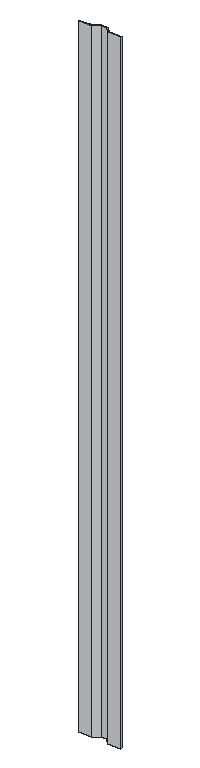
Revit family "Corrogated Curtain Panel Roof", category Curtain Panels, Revit 2022
Family settings
  OmniClass Number = 23.25.20.14.11.11.17
  OmniClass Title = Infill Panels
  Always vertical = Yes
  Cut with Voids When Loaded = No
  Shared = No
Reference planes
  plane 1 "Center (Front/Back)": y = 0
  plane 2: z = 0
  plane 3 "Center (Left/Right)": x = 0
  plane 4 "Left": x = -130
  plane 5 "Right": x = 130
  plane 6 "Top": z = 4000
Forms (mm)
  Extrusion 1, solid
    sketch origin (0, 0, 0) x (1, 0, 0) y (0, 1, 0)
      loop
        line (-130, 0) -> (-50, 0) -> (-20.046, 30.461) -> (20.046, 30.461) -> (50, 0) -> (130, 0) -> (130, 7) -> (52.934, 7) -> (22.98, 37.461) -> (-22.98, 37.461) -> (-52.934, 7) -> (-130, 7) -> (-130, 0)
    from 0 to 4000
Text (mm)
  text "Exterior" at (-2351.972, 1416.179, 0), in view "Ref. Level"
  text "Exterior" at (0, 2290.741, 4406.713), in view "Left"
  text "Exterior" at (0, 1328.187, 4120.349), in view "Right"
Dimensions and locks
  equal spacing: plane 4 "Left", plane 3 "Center (Left/Right)", plane 5 "Right"
  aligned and locked: level to plane 2
  aligned and locked: Extrusion 1 to plane 6 "Top"
Automatic sketch dimensions
  plane 1 "Center (Front/Back)" to Extrusion 1 sketch curve = 0 mm  (x2)
  Extrusion 1 sketch curve to plane 4 "Left" = 0 mm
  Extrusion 1 sketch curve to plane 5 "Right" = 0 mm
  Extrusion 1 sketch curve to plane 1 "Center (Front/Back)" = 7 mm  (x2)
  Extrusion 1 sketch curve to plane 3 "Center (Left/Right)" = 52.934 mm
  Extrusion 1 sketch curve to Extrusion 1 sketch curve = 2.934 mm  (x4)
  Extrusion 1 sketch curve to plane 3 "Center (Left/Right)" = 22.98 mm
  plane 3 "Center (Left/Right)" to Extrusion 1 sketch curve = 20.046 mm
  Extrusion 1 sketch curve to Extrusion 1 sketch curve = 29.954 mm
  Extrusion 1 sketch curve to plane 1 "Center (Front/Back)" = 30.461 mm
  Extrusion 1 sketch curve to Extrusion 1 sketch curve = 7 mm
